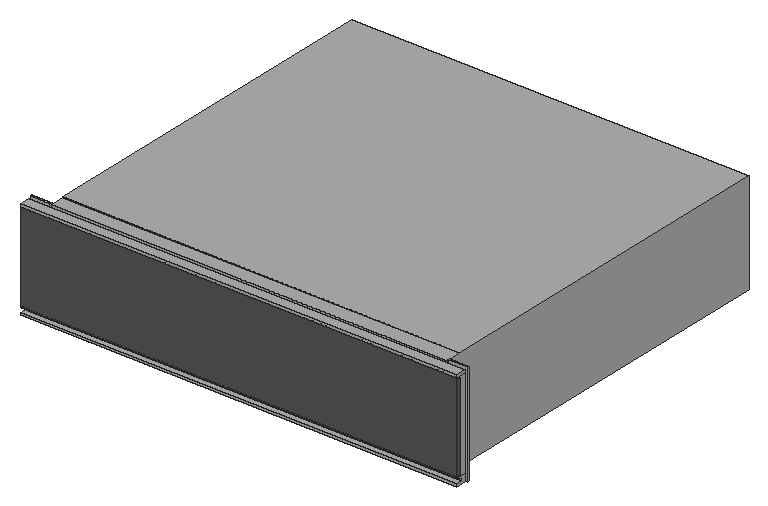
Revit family "FP-Revit20-en-WB24SMB1-WarmingDrawer-0-90003701-US-CA", category Generic Models, Revit 2020
Family settings
  Can host rebar = No
  Round Connector Dimension = Use Diameter
  Part Type = Normal
  Work Plane-Based = No
  Always vertical = Yes
  Cut with Voids When Loaded = No
  Shared = No
  Room Calculation Point = No
Parameters (values of type "WB24SMB1")
  URL = "www.fisherpaykel.com"
  Product - Overall width = 596 mm  # constant formula
  Product - Overall Height = 140 mm  # constant formula
  Model = "WB24SMB1"
  Manufacturer = "Fisher & Paykel Appliances"
  Material - Glass = Fisher & Paykel - Glass, Black
  Description = "Warming Drawer, 24\""
  Default Elevation = 0 mm
  Connector note electrical = "220 - 240 V, 50 Hz, 10A"
  Chassis - width = 543 mm  # constant formula
  Chassis - Depth (including power plug, excluding flange) = 547 mm  # constant formula
  Chassis - Depth = 546 mm  # constant formula
  Material - Chassis = Fisher & Paykel - Aluminium
  Cavity - Minimum width = 560 mm  # constant formula
  Cavity - Minimum Height = 142 mm  # constant formula
  Cavity - Minimum Depth = 550 mm  # constant formula
Reference planes
  plane 1 "Center (Front/Back)": y = 0
  plane 2: z = 0
  plane 3 "Center (Left/Right)": x = 0
  plane 4 "Chassis LHS": x = -271.5
  plane 5 "Chassis RHS": x = 271.5
  plane 6 "Chassis Depth": y = 547
  plane 7 "Cavity LHS": x = -280
  plane 8 "Cavity RHS": x = 280
  plane 9 "Cavity Depth": y = 550
  plane 10 "Cavity Height": z = 142
  plane 11 "Product Height": z = 140
  plane 12: x = -298
  plane 13: x = 298
  plane 14: y = 510
  plane 15: y = -433.9
  plane 16: y = -433.9
  plane 17: y = -19.9
Forms (mm)
  Extrusion 1, solid, material "Fisher & Paykel - Aluminium" <- "Material - Chassis"
    sketch origin (271.5, 0, 0) x (0, -1, 0) y (0, 0, 1)
      loop
        line (2, 139) -> (-18, 139) -> (-18, 140) -> (-510, 140) -> (-510, 0) -> (2, 0) -> (2, 139)
    from 0 to 541.5
  Extrusion 2, solid, material "Fisher & Paykel - Aluminium" <- "Material - Chassis"
    sketch origin (0, 0, 0) x (1, 0, 0) y (0, 1, 0)
      loop
        line (271.5, 0) -> (271.5, -2) -> (298, -2) -> (298, 0) -> (271.5, 0)
      loop
        line (-271.5, 0) -> (-298, 0) -> (-298, -2) -> (-271.5, -2) -> (-271.5, 0)
    from 0 to 140
  Extrusion 3, solid, material "Fisher & Paykel - Aluminium" <- "Material - Chassis"
    sketch origin (298, -1524, 425.869) x (0, 0, 1) y (0, 1, 0)
      loop
        line (-414.269, 1518) -> (-414.269, 1508.1) -> (-290.869, 1508.1) -> (-290.869, 1518) -> (-414.269, 1518)
    from 0.5 to 595.5
  Extrusion 4, solid, material "Fisher & Paykel - Aluminium" <- "Material - Chassis"
    sketch origin (298, -1524, 425.869) x (0, 0, 1) y (0, 1, 0)
      loop
        line (-287.869, 1504.1) -> (-287.869, 1518) -> (-290.869, 1518) -> (-290.869, 1504.1) -> (-287.869, 1504.1)
    from 0 to 596
  Extrusion 5, solid, material "Fisher & Paykel - Aluminium" <- "Material - Chassis"
    sketch origin (298, -1524, 425.869) x (0, 0, 1) y (0, 1, 0)
      loop
        line (-417.269, 1509.4) -> (-414.269, 1505.774) -> (-414.269, 1518) -> (-423.869, 1518) -> (-423.869, 1504.1) -> (-420.869, 1504.1) -> (-420.869, 1513) -> (-417.269, 1513) -> (-417.269, 1509.4)
    from 0 to 596
  Extrusion 6, solid, material "Fisher & Paykel - Glass, Black" <- "Material - Glass"
    sketch origin (0, 0, 0) x (1, 0, 0) y (0, 0, 1)
      loop
        line (296, 11.6) -> (298, 13.6) -> (298, 133.6) -> (296.6, 135) -> (0, 135) -> (-296.6, 135) -> (-298, 133.6) -> (-298, 13.6) -> (-296, 11.6) -> (0, 11.6) -> (296, 11.6)
    from 15.9 to 19.9
  Extrusion 7, solid
    sketch origin (-40, 510, 1200) x (1, 0, 0) y (0, 0, 1)
      loop
        line (242, -1091) -> (217, -1091) -> (217, -1110) -> (242, -1110) -> (242, -1091)
    from -37 to 0
  Extrusion 8, solid
    sketch origin (177, 510, 109) x (0, 0, -1) y (0, -1, 0)
      loop
        circle (9.5, -28) r 7.931
    from 0 to 40
  Extrusion 9, void
    sketch origin (0, 0, 0) x (1, 0, 0) y (0, 1, 0)
      loop
        line (280, 550) -> (-280, 550) -> (-280, 0) -> (280, 0) -> (280, 550)
    from 0 to 142
  Extrusion 10, void
    sketch origin (0, 0, 0) x (1, 0, 0) y (0, 0, 1)
      loop
        line (-258, 5) -> (258, 5) -> (258, 119) -> (-258, 119) -> (-258, 5)
    from -2.075 to 2
  Extrusion 11, solid, material "Fisher & Paykel - Aluminium" <- "Material - Chassis"
    sketch origin (0, 0, 0) x (1, 0, 0) y (0, 0, 1)
      loop
        line (259, 5) -> (259, 120) -> (-259, 120) -> (-259, 5) -> (259, 5)
    from 2 to 6
  Extrusion 12, solid, material "Fisher & Paykel - Clearance Required (Non-Combustible)", detail levels coarse
    sketch origin (0, 0, 0) x (1, 0, 0) y (0, 1, 0)
      loop
        line (-298, -19.9) -> (-298, -433.9) -> (298, -433.9) -> (298, -19.9) -> (-298, -19.9)
    from 2 to 138
Cuts and joins
  Extrusion 10 cuts Extrusion 1
  Extrusion 10 cuts Extrusion 3
  Extrusion 10 cuts Extrusion 5
  Extrusion 10 cuts Extrusion 6
Dimensions and locks
  equal spacing: plane 4 "Chassis LHS", plane 3 "Center (Left/Right)", plane 5 "Chassis RHS", locked at 271.5 each
  "Chassis - width": plane 4 "Chassis LHS" to plane 5 "Chassis RHS"
  "Cavity - Minimum width": plane 7 "Cavity LHS" to plane 8 "Cavity RHS"
  "Cavity - Minimum Depth": plane 9 "Cavity Depth" to plane 1 "Center (Front/Back)"
  "Cavity - Minimum Height": plane 10 "Cavity Height" to level
  "Product - Overall Height": plane 11 "Product Height" to level
  equal spacing: plane 13, plane 3 "Center (Left/Right)", plane 12, locked at 298 each
  "Product - Overall width": plane 12 to plane 13
  "Chassis - Depth (including power plug, excluding flange)": plane 1 "Center (Front/Back)" to plane 6 "Chassis Depth"
  locked: Extrusion 1 to Extrusion 7 at 37
  locked: Extrusion 7 to Extrusion 7 at 19
  locked: Extrusion 8 to Extrusion 7 at 40
  locked: plane 16 to plane 17 at 414
  aligned and locked: level to plane 2
  aligned and locked: plane 11 "Product Height" to Extrusion 1 sketch curve
  aligned and locked: level to Extrusion 1 sketch curve
  aligned and locked: plane 13 to Extrusion 2 sketch curve
  aligned and locked: plane 1 "Center (Front/Back)" to Extrusion 2 sketch curve
  aligned and locked: Extrusion 2 sketch curve to plane 5 "Chassis RHS"
  aligned and locked: Extrusion 6 sketch curve to plane 13
  aligned and locked: Extrusion 9 sketch curve to plane 9 "Cavity Depth"
  aligned and locked: Extrusion 9 sketch curve to plane 1 "Center (Front/Back)"
  aligned and locked: plane 10 "Cavity Height" to Extrusion 9
  aligned and locked: Extrusion 7 to Extrusion 1
  aligned and locked: Extrusion 8 to Extrusion 7
  aligned and locked: plane 14 to Extrusion 7
  aligned and locked: Extrusion 7 to plane 6 "Chassis Depth"
  aligned and locked: cut or joined group of Extrusion 5, Extrusion 10 to Extrusion 11 sketch curve
  aligned and locked: Extrusion 2 to Extrusion 11
  aligned and locked: Extrusion 11 to Extrusion 4
  aligned and locked: plane 8 "Cavity RHS" to Extrusion 9 sketch curve
  aligned and locked: Extrusion 9 sketch curve to plane 7 "Cavity LHS"
  aligned and locked: Extrusion 12 sketch curve to plane 12
  aligned and locked: Extrusion 12 sketch curve to Extrusion 4
  aligned and locked: plane 13 to Extrusion 12 sketch curve
  aligned and locked: Extrusion 12 sketch curve to plane 15
  aligned and locked: Extrusion 4 to Extrusion 12
  aligned and locked: Extrusion 12 to cut or joined group of Extrusion 5, Extrusion 10
Automatic sketch dimensions
  plane 1 "Center (Front/Back)" to Extrusion 1 sketch curve = 2 mm
  Extrusion 1 sketch curve to plane 11 "Product Height" = 1 mm
  Extrusion 1 sketch curve to plane 1 "Center (Front/Back)" = 18 mm
  plane 1 "Center (Front/Back)" to Extrusion 2 sketch curve = 0 mm
  Extrusion 2 sketch curve to plane 12 = 0 mm
  Extrusion 2 sketch curve to plane 4 "Chassis LHS" = 0 mm
  Extrusion 2 sketch curve to Extrusion 2 sketch curve = 2 mm
  Extrusion 3 sketch curve to plane 1 "Center (Front/Back)" = 6 mm
  Extrusion 6 sketch curve to plane 12 = 0 mm
  plane 12 to Extrusion 6 sketch curve = 1.4 mm
  plane 12 to Extrusion 6 sketch curve = 2 mm
  plane 3 "Center (Left/Right)" to Extrusion 6 sketch curve = 0 mm  (x2)
  plane 13 to Extrusion 6 sketch curve = 1.4 mm
  Extrusion 6 sketch curve to Extrusion 6 sketch curve = 2 mm  (x2)
  Extrusion 6 sketch curve to Extrusion 6 sketch curve = 1.4 mm  (x2)
  Extrusion 8 sketch curve to Extrusion 7 = 9.5 mm
  Extrusion 7 to Extrusion 8 sketch curve = 9 mm
  Extrusion 1 sketch curve to plane 14 = 0 mm
  plane 1 "Center (Front/Back)" to Extrusion 2 sketch curve = 2 mm
  Extrusion 3 sketch curve to level = 11.6 mm
  plane 11 "Product Height" to Extrusion 3 sketch curve = 5 mm
  Extrusion 3 sketch curve to Extrusion 3 sketch curve = 9.9 mm
  plane 11 "Product Height" to Extrusion 4 sketch curve = 5 mm
  plane 11 "Product Height" to Extrusion 4 sketch curve = 2 mm
  Extrusion 4 sketch curve to plane 1 "Center (Front/Back)" = 6 mm
  Extrusion 4 sketch curve to Extrusion 4 sketch curve = 13.9 mm
  Extrusion 5 sketch curve to level = 2 mm
  Extrusion 5 sketch curve to Extrusion 5 sketch curve = 3 mm  (x2)
  Extrusion 5 sketch curve to Extrusion 5 sketch curve = 3.6 mm  (x2)
  Extrusion 5 sketch curve to plane 1 "Center (Front/Back)" = 6 mm
  Extrusion 5 sketch curve to Extrusion 5 sketch curve = 5 mm
  Extrusion 5 sketch curve to Extrusion 5 sketch curve = 3.626 mm
  Extrusion 5 sketch curve to Extrusion 5 sketch curve = 5.3 mm
  plane 13 to Extrusion 6 sketch curve = 2 mm
  level to Extrusion 6 sketch curve = 11.6 mm
  Extrusion 6 sketch curve to plane 11 "Product Height" = 6.4 mm
  Extrusion 7 sketch curve to plane 11 "Product Height" = 31 mm
  plane 5 "Chassis RHS" to Extrusion 7 sketch curve = 94.5 mm
  Extrusion 7 sketch curve to Extrusion 7 sketch curve = 25 mm
  Extrusion 7 sketch curve to Extrusion 7 sketch curve = 19 mm
  Extrusion 10 sketch curve to plane 11 "Product Height" = 21 mm
  level to Extrusion 10 sketch curve = 5 mm
  Extrusion 10 sketch curve to plane 4 "Chassis LHS" = 13.5 mm
  plane 5 "Chassis RHS" to Extrusion 10 sketch curve = 13.5 mm
  plane 5 "Chassis RHS" to Extrusion 11 sketch curve = 12.5 mm
  Extrusion 11 sketch curve to plane 4 "Chassis LHS" = 12.5 mm
  Extrusion 11 sketch curve to plane 11 "Product Height" = 20 mm
  radius of Extrusion 8 sketch curve = 7.931 mm
Connectors
  electrical at (137, 538, 99.5), driven by "Connector note electrical"
    settings: on Extrusion 8, index 1, voltage 0 V, apparent load 0 VA, apparent load phase1 0 VA, apparent load phase2 0 VA, apparent load phase3 0 VA, power factor 1, load classification "Other", number of poles 1, system type 31, power factor state 1, is connector primary yes, connector utility no, sub classification motor no, connector description "220 - 240 V, 50 Hz, 10A"
